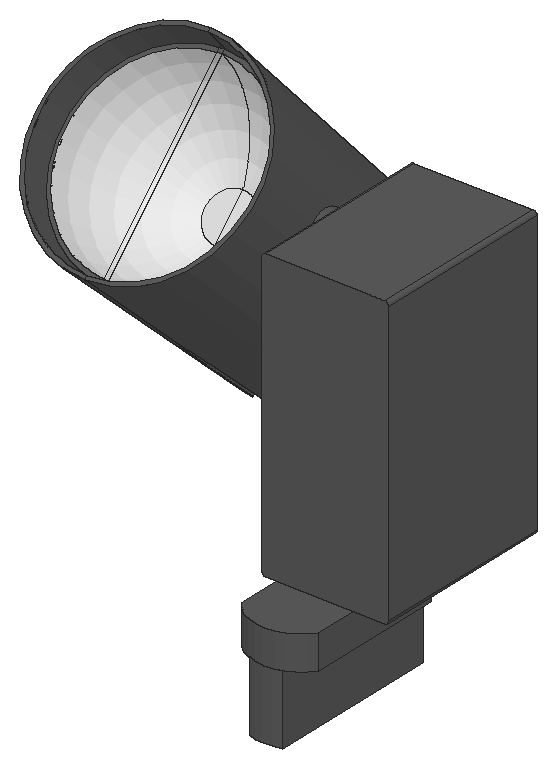
Revit family "0004838 Feilo Sylvania Lighting Fixture START TRACK SPOT S 24W 3K RA80 NB BLACK", category Lighting Fixtures, host Face, Revit 2017 (continued)
Definition of nested family "Start Track Spot Head"
  Types (96, lengths in mm): name | Wattage | built-in parameter 1150134 | Photometric Web File | Model | built-in parameter 1150105 | Lumens | built-in parameter 1150107 | built-in parameter 1150106 | HeadThickness_FEILO | HeadRibOffset_FEILO | HeadRibDepth_FEILO | HeadRibCutWidth_FEILO | HeadRibCutOffset_FEILO | HeadReflectorRadius_FEILO | HeadReflectorOffset_FEILO | HeadLEDRadius_FEILO | HeadHeight_FEILO | HeadDiffusorOffset_FEILO | HeadDiaOut_FEILO | HeadDiaIn_FEILO | HeadAxisFromTop_FEILO | Emit from Circle Diameter | built-in parameter 1150104 | Description | Apparent Load
    0004812 START TRACK SPOT S 14W 3K RA80 MB WHITE | 14 W | (empty or 0) | "0004812.ies" | "START TRACK SPOT S 14W 3K RA80 MB WHITE" | 120.32 (stored number, unit not read) | 1512 lm | 3000 (stored number, unit not read) | 1.2032 (stored number, unit not read) | 1.5 | 4.179 | 55.714 | 7.167 | 50.87 | 50.588 | 55.714 | 9.556 | 117 | 9.435 | 86 | 77.477 | 69.354 | 77.477 | 10.034 (stored number, unit not read) | "Integrated LED spotlight, Textured White - RAL9016, compact and minimalist design, ideal for retail applications, die-cast aluminium body, passive cooling heatsink. Beam angle: 36°, color temperature: 3000K , total system power: 14W, total fixture output: 1508 lm, LOR: 100%, colour rendering: Ra: 80 typical, LED Chromaticity: 3 step MacAdam ellipse, lifetime: >50000 hours at L70B50, energy class: A++, A+, A, IR/UV free light source without heat radiation, operating voltage: 220-240V / 50-60Hz, drive current: 350mA, electronic driver, non-dimmable, power factor: 0.92, electrical protection: Class II, Global Track 3 Phase adapter suitable for Global trac 3-circuit tracks, ingress protection rating: IP20, suitable for internal environment only, horizontal rotation: 355°, vertical tilt: 90°, dimensions: Ø86x140x200, weight: 0.940kg." | 14 VA
    0004811 START TRACK SPOT S 14W 3K RA80 NB WHITE | 14 W | (empty or 0) | "0004811.ies" | "START TRACK SPOT S 14W 3K RA80 NB WHITE" | 123.66 (stored number, unit not read) | 1554 lm | 3000 (stored number, unit not read) | 1.2366 (stored number, unit not read) | 1.5 | 4.179 | 55.714 | 7.167 | 50.87 | 50.588 | 55.714 | 9.556 | 117 | 9.435 | 86 | 77.477 | 69.354 | 77.477 | 10.312 (stored number, unit not read) | "Integrated LED spotlight, Textured White - RAL9016, compact and minimalist design, ideal for retail applications, die-cast aluminium body, passive cooling heatsink. Beam angle: 12°, color temperature: 3000K , total system power: 14W, total fixture output: 1551 lm, LOR: 100%, colour rendering: Ra: 80 typical, LED Chromaticity: 3 step MacAdam ellipse, lifetime: >50000 hours at L70B50, energy class: A++, A+, A, IR/UV free light source without heat radiation, operating voltage: 220-240V / 50-60Hz, drive current: 350mA, electronic driver, non-dimmable, power factor: 0.92, electrical protection: Class II, Global Track 3 Phase adapter suitable for Global trac 3-circuit tracks, ingress protection rating: IP20, suitable for internal environment only, horizontal rotation: 355°, vertical tilt: 90°, dimensions: Ø86x140x200, weight: 0.940kg." | 14 VA
  Reference planes
    plane 1 "Center (Front/Back)": y = 0
    plane 2: z = 0
    plane 3 "Center (Left/Right)": x = 0
    plane 4: x = 43
    plane 5: x = -43
    plane 6: x = -38.739
    plane 7: x = 38.739
    plane 8: z = 69.354
    plane 9: z = -47.646
    plane 10: x = -41.5
    plane 11: x = -37.239
    plane 12: z = -38.211
    plane 13: z = -35.211
    plane 14: z = 8.068
    plane 15: x = -9.556
    plane 16: x = -28.667
    plane 17: x = -19.111
    plane 18: x = -27.167
    plane 19: x = -17.611
    plane 20: x = -8.056
    plane 21: z = 13.64
    plane 22: x = -29.667
    plane 23: x = -26.167
    plane 24: x = -20.111
    plane 25: x = -16.611
    plane 26: x = -10.556
    plane 27: x = -7.056
    plane 28: x = -36.239
    plane 29: x = -40.5
    plane 30: z = 65.175
    plane 31: z = 60.997
    plane 32: z = 56.818
    plane 33: z = 18.484
    plane 34: y = -43
    plane 35: y = 43
    plane 36: y = 3.583
    plane 37: y = -3.583
    plane 38: y = -2.583
    plane 39: y = 2.583
    plane 40: y = 46
    plane 41: z = 13.5
    plane 42: z = -13.5
    plane 43: y = 39
    plane 44: x = 4.708
    plane 45: x = -2.458
    plane 46: x = -1.458
    plane 47: x = 1.458
  Forms (mm)
    Extrusion 1, solid
      sketch origin (4.2, 0, 0) x (1, 0, 0) y (0, 1, 0)
        loop
          line (-1219.2, 1219.2) -> (-1219.2, -1219.2) -> (1219.2, -1219.2) -> (1219.2, 1219.2) -> (-1219.2, 1219.2)
      from 0 to -68.017
    Revolve 2, solid, material <- "Material_1_FEILO", detail levels medium+fine
      sketch origin (0, 0, 0) x (1, 0, 0) y (0, 0, 1)
        loop
          line (-43, -47.646) -> (-41.5, -47.646) -> (-40.5, -35.211) -> (-38.739, -35.211)
          arc (-38.739, -35.211) -> (-30.16, -9.517) -> (-9.556, 8.068) r 50.588
          line (-9.556, 8.068) -> (0, 8.068) -> (0, 13.64) -> (-16.611, 13.64) -> (-17.611, 60.997) -> (-19.111, 60.997) -> (-20.111, 13.64) -> (-36.239, 13.64) -> (-37.239, 69.354) -> (-38.739, 69.354) -> (-43, -47.646)
        axis (0, 69.354) -> (0, -47.646)
      angle from 360 to 0
    Extrusion 3, void
      sketch origin (0, 0, 0) x (0, 1, 0) y (0, 0, 1)
        loop
          line (-3.583, 69.354) -> (-2.583, 18.484) -> (1.932, 18.484) -> (2.932, 69.354) -> (-3.583, 69.354)
      from 43 to -43
    Revolve 4, solid, material <- "Material_2_FEILO", detail levels medium+fine
      sketch origin (0, 0, 0) x (1, 0, 0) y (0, 0, 1)
        loop
          line (-41.5, -38.211) -> (0, -38.211) -> (0, -35.211) -> (-41.5, -35.211) -> (-41.5, -38.211)
        axis (0, -35.211) -> (0, -38.211)
      angle from 360 to 0
    Revolve 5, solid, material <- "Material_1_FEILO"
      sketch origin (0, 0, 0) x (0, 1, 0) y (0, 0, 1)
        loop
          line (46, 0) -> (39, 0) -> (39, -13.5) -> (46, -13.5) -> (46, 0)
        axis (39, 0) -> (46, 0)
      angle from 360 to 0
    Revolve 6, solid, material <- "Material_1_FEILO", detail levels medium+fine
      sketch origin (0, 0, 0) x (1, 0, 0) y (0, 0, 1)
        loop
          line (-29.667, 13.64) -> (-26.167, 13.64) -> (-27.167, 65.175) -> (-28.667, 65.175) -> (-29.667, 13.64)
        loop
          line (-10.556, 13.64) -> (-7.056, 13.64) -> (-7.833, 56.818) -> (-9.778, 56.818) -> (-10.556, 13.64)
        axis (0, 65.175) -> (0, 13.64)
      angle from 360 to 0
    Extrusion 7, void
      sketch origin (0, 0, 0) x (1, 0, 0) y (0, 0, 1)
        loop
          line (4.708, 69.354) -> (-2.458, 69.354) -> (-1.458, 13.64) -> (1.458, 13.64) -> (4.708, 69.354)
      from -43 to 43
    Revolve 8, solid, material <- "Material_1_FEILO", detail levels coarse
      sketch origin (0, 0, 0) x (1, 0, 0) y (0, 0, 1)
        loop
          line (0, 69.354) -> (-38.739, 69.354) -> (-43, -47.646) -> (-41.5, -47.646) -> (-40.731, -38.211) -> (0, -38.211) -> (0, 69.354)
        axis (0, 69.354) -> (0, -47.646)
      angle from 360 to 0
  Cuts and joins
    Extrusion 3 cuts Revolve 2
    Extrusion 7 cuts Revolve 6
  Dimensions and locks
    equal spacing: plane 7, plane 3 "Center (Left/Right)", plane 6
    equal spacing: plane 4, plane 3 "Center (Left/Right)", plane 5
    "HeadDiaOut_FEILO": plane 4 to plane 5
    "HeadDiaIn_FEILO": plane 7 to plane 6
    "HeadHeight_FEILO": plane 8 to plane 9
    "HeadThickness_FEILO": plane 10 to plane 5
    "HeadThickness_FEILO": plane 11 to plane 6
    "HeadDiffusorOffset_FEILO": plane 12 to plane 9
    "HeadDiffusorThickness_FEILO": plane 13 to plane 12
    "HeadReflectorOffset_FEILO": plane 14 to plane 9
    "HeadLEDRadius_FEILO": plane 3 "Center (Left/Right)" to plane 15
    "HeadLEDRadius_FEILO": plane 15 to plane 17
    "HeadLEDRadius_FEILO": plane 17 to plane 16
    "HeadThickness_FEILO": plane 18 to plane 16
    "HeadThickness_FEILO": plane 19 to plane 17
    "HeadThickness_FEILO": plane 20 to plane 15
    "HeadRibDepth_FEILO": plane 8 to plane 21
    "HeadDraft_FEILO": plane 16 to plane 22
    "HeadDraft_FEILO": plane 23 to plane 18
    "HeadDraft_FEILO": plane 17 to plane 24
    "HeadDraft_FEILO": plane 25 to plane 19
    "HeadDraft_FEILO": plane 15 to plane 26
    "HeadDraft_FEILO": plane 27 to plane 20
    "HeadDraft_FEILO": plane 29 to plane 10
    "HeadDraft_FEILO": plane 28 to plane 11
    "HeadRibOffset_FEILO": plane 8 to plane 30
    "HeadRibOffset_FEILO": plane 30 to plane 31
    "HeadRibOffset_FEILO": plane 31 to plane 32
    "HeadAxisFromTop_FEILO": plane 8 to plane 2
    "HeadRibCutOffset_FEILO": plane 8 to plane 33
    equal spacing: plane 34, plane 1 "Center (Front/Back)", plane 35
    "HeadDiaOut_FEILO": plane 34 to plane 35
    equal spacing: plane 38, plane 1 "Center (Front/Back)", plane 39
    equal spacing: plane 37, plane 1 "Center (Front/Back)", plane 36
    "HeadRibCutWidth_FEILO": plane 37 to plane 36
    "HeadDraft_FEILO": plane 37 to plane 38
    locked: plane 35 to plane 40 at 3
    equal spacing: plane 41, plane 2, plane 42
    locked: plane 42 to plane 41 at 27
    locked: plane 43 to plane 35 at 4
    equal spacing: plane 45, imposter light, plane 44
    "HeadDraft_FEILO": plane 46 to plane 45
    "HeadRibCutWidth_FEILO": plane 44 to plane 45
    equal spacing: plane 47, plane 3 "Center (Left/Right)", plane 46
    "HeadReflectorRadius_FEILO": radius of Revolve 2 sketch curve
    aligned and locked: plane 2 to Extrusion 1
    aligned and locked: level to Extrusion 1
    aligned and locked: Revolve 2 sketch curve to plane 3 "Center (Left/Right)"  (x2)
    aligned and locked: plane 9 to Revolve 2 sketch curve  (x2)
    aligned and locked: plane 5 to Revolve 2 sketch curve
    aligned and locked: plane 10 to Revolve 2 sketch curve
    aligned and locked: plane 14 to Revolve 2 sketch curve
    aligned and locked: plane 8 to Revolve 2 sketch curve
    aligned and locked: Revolve 2 sketch curve to plane 13
    aligned and locked: plane 12 to Revolve 4 sketch curve
    aligned and locked: plane 3 "Center (Left/Right)" to Revolve 4 sketch curve
    aligned and locked: Revolve 4 sketch curve to plane 10
    aligned and locked: Revolve 4 sketch curve to plane 3 "Center (Left/Right)"
    aligned and locked: plane 12 to imposter light
    aligned and locked: imposter light to plane 1 "Center (Front/Back)"
    aligned and locked: Revolve 5 sketch curve to plane 2
    aligned and locked: plane 43 to Revolve 5 sketch curve
    aligned and locked: plane 42 to Revolve 5 sketch curve
    aligned and locked: Revolve 6 sketch curve to plane 3 "Center (Left/Right)"
    aligned and locked: plane 22 to Revolve 6 sketch curve
    aligned and locked: plane 30 to Revolve 6 sketch curve
    aligned and locked: plane 23 to Revolve 6 sketch curve
    aligned and locked: Revolve 6 sketch curve to plane 21  (x2)
    aligned and locked: plane 21 to Revolve 6 sketch curve
    aligned and locked: plane 17 to Revolve 2 sketch curve
    aligned and locked: plane 19 to Revolve 2 sketch curve
    aligned and locked: plane 31 to Revolve 2 sketch curve
    aligned and locked: plane 21 to Revolve 2 sketch curve
    aligned and locked: Extrusion 3 to plane 8
    aligned and locked: plane 33 to Extrusion 3
    aligned and locked: plane 8 to Extrusion 3 sketch curve
    aligned and locked: Extrusion 3 sketch curve to plane 33
    aligned and locked: Extrusion 3 to plane 5
    aligned and locked: plane 4 to Extrusion 3
    aligned and locked: plane 32 to Revolve 6 sketch curve
    aligned and locked: plane 44 to Extrusion 7 sketch curve
    aligned and locked: Extrusion 7 sketch curve to plane 8
    aligned and locked: plane 46 to Extrusion 7 sketch curve
    aligned and locked: plane 21 to Extrusion 7 sketch curve
    aligned and locked: plane 34 to Extrusion 7
    aligned and locked: Extrusion 7 to plane 35
    aligned and locked: Revolve 4 sketch curve to plane 13
    aligned and locked: Revolve 5 sketch curve to plane 40
    aligned and locked: Revolve 8 sketch curve to plane 3 "Center (Left/Right)"
    aligned and locked: Revolve 8 sketch curve to cut or joined group of Revolve 2, Extrusion 3  (x3)
    aligned and locked: plane 5 to Revolve 8 sketch curve
    aligned and locked: plane 3 "Center (Left/Right)" to Revolve 8 sketch curve
    aligned and locked: plane 12 to Revolve 8 sketch curve
  Automatic sketch dimensions
    Extrusion 1 sketch curve to Extrusion 1 sketch curve = 2438.4 mm  (x2)
    Extrusion 3 sketch curve to plane 37 = 0 mm
    Extrusion 3 sketch curve to plane 38 = 0 mm
    plane 39 to Extrusion 3 sketch curve = 0.651 mm
    Extrusion 3 sketch curve to plane 39 = 0.349 mm
    Revolve 6 sketch curve to plane 16 = 0 mm
    Revolve 6 sketch curve to plane 18 = 0 mm
    Revolve 6 sketch curve to plane 26 = 0 mm
    Revolve 6 sketch curve to plane 27 = 0 mm
    Revolve 6 sketch curve to plane 15 = 0.222 mm
    plane 9 to Revolve 6 sketch curve = 559.103 mm
    Revolve 6 sketch curve to plane 8 = 2535.555 mm
    plane 20 to Revolve 6 sketch curve = 0.222 mm
    Revolve 2 sketch curve to plane 29 = 0 mm
    Revolve 2 sketch curve to plane 6 = 0 mm  (x2)
    Revolve 2 sketch curve to plane 11 = 0 mm
    Revolve 2 sketch curve to plane 21 = 0 mm
    Revolve 2 sketch curve to plane 28 = 0 mm
    Revolve 2 sketch curve to plane 24 = 0 mm
    Revolve 2 sketch curve to plane 25 = 0 mm
    Revolve 2 sketch curve to plane 15 = 0 mm
    Revolve 2 sketch curve to Revolve 2 sketch curve = 557.155 mm
    Revolve 2 sketch curve to plane 8 = 2535.558 mm
    Extrusion 7 sketch curve to plane 45 = 0 mm
    Extrusion 7 sketch curve to plane 47 = 0 mm
    plane 9 to Revolve 4 sketch curve = 559.103 mm
    Revolve 4 sketch curve to plane 8 = 2535.555 mm
    Revolve 5 sketch curve to level = 0 mm
    plane 34 to Revolve 5 sketch curve = 1968.092 mm
    Revolve 5 sketch curve to plane 40 = 1405.763 mm
    Revolve 8 sketch curve to plane 6 = 0 mm
    Revolve 8 sketch curve to plane 29 = 0.231 mm
    plane 9 to Revolve 8 sketch curve = 559.103 mm
    Revolve 8 sketch curve to Revolve 8 sketch curve = 2535.555 mm
Definition of nested family "Start Track Spot Box"
  Parameters (values of type "Type Large White")
    URL = "http://www.feilosylvania.com"
    Type Image = (empty or 0)
    Type Comments = "n/a"
    Small_FEILO = no
    Material_3_FEILO = none
    Model = ""
    Manufacturer = "Feilo Sylvania"
    Keynote = ""
    Material_2_FEILO = none
    Description = ""
    Default Elevation = 1219.2 mm
    Cost = 0
    Material_1_FEILO = none
    BoxWidth_FEILO = 49 mm
    BoxStartAngle_FEILO [instance] = 0.00°
    BoxRadius_FEILO = 1.5 mm
    BoxHeight_FEILO = if(Small_FEILO, 112 mm, 136 mm)  # 136 mm
    BoxEndAngle_FEILO [instance] = BoxStartAngle_FEILO - 180.00°  # -180.00°
    BoxDepth_FEILO = if(Small_FEILO, 71.5 mm, 79 mm)  # 79 mm
    BoxAxisVerticalOffset_FEILO = 16 mm
    BoxAxisOffset_FEILO = BoxHeight_FEILO / 6.8  # 20 mm
    Assembly Code = ""
    Material_4_FEILO = none
  Types (4, lengths in mm): name | Small_FEILO | BoxHeight_FEILO | BoxDepth_FEILO | BoxAxisOffset_FEILO
    Type Large White | no | 136 | 79 | 20
    Type Small White | yes | 112 | 71.5 | 16.471
    Type Small Black | yes | 112 | 71.5 | 16.471
    Type Large Black | no | 136 | 79 | 20
  Reference planes
    plane 1 "Center (Front/Back)": y = 0
    plane 2: z = 0
    plane 3 "Center (Left/Right)": x = 0
    plane 4: x = 24.5
    plane 5: x = -24.5
    plane 6: y = 68
    plane 7: y = -68
    plane 8: z = 39.5
    plane 9: z = -39.5
    plane 10: y = -48
    plane 11: x = 30.5
    plane 12: x = 8.5
    plane 13: x = 21.5
    plane 14: y = 70
    plane 15: y = 72
    plane 16: x = 19.5
  Forms (mm)
    Extrusion 1, solid
      sketch origin (4.2, 0, 0) x (1, 0, 0) y (0, 1, 0)
        loop
          line (-1219.2, 1219.2) -> (-1219.2, -1219.2) -> (1219.2, -1219.2) -> (1219.2, 1219.2) -> (-1219.2, 1219.2)
      from 0 to -68.017
    Extrusion 2, solid, material <- "Material_1_FEILO"
      sketch origin (0, 0, 0) x (1, 0, 0) y (0, 1, 0)
        loop
          arc (-23, 68) -> (-24.061, 67.561) -> (-24.5, 66.5) r 1.5
          line (-24.5, 66.5) -> (-24.5, -66.5)
          arc (-24.5, -66.5) -> (-24.061, -67.561) -> (-23, -68) r 1.5
          line (-23, -68) -> (23, -68)
          arc (23, -68) -> (24.061, -67.561) -> (24.5, -66.5) r 1.5
          line (24.5, -66.5) -> (24.5, 66.5)
          arc (24.5, 66.5) -> (24.061, 67.561) -> (23, 68) r 1.5
          line (23, 68) -> (-23, 68)
      from -39.5 to 39.5
    Revolve 3, solid, not visible
      sketch origin (0, 0, 0) x (1, 0, 0) y (0, 1, 0)
        loop
          line (30.5, -48) -> (24.5, -48) -> (24.5, -68) -> (30.5, -68) -> (30.5, -48)
        axis (30.5, -48) -> (24.5, -48)
      angle from 0 <- "BoxStartAngle_FEILO" to -180 <- "BoxEndAngle_FEILO"
    Revolve 4, solid, material <- "Material_2_FEILO"
      sketch origin (0, 0, 0) x (1, 0, 0) y (0, 1, 0)
        loop
          line (8.5, 68) -> (19.5, 68) -> (19.5, 70) -> (21.5, 70) -> (21.5, 72) -> (8.5, 72) -> (8.5, 68)
        axis (8.5, 72) -> (8.5, 68)
      angle from 360 to 0
  Dimensions and locks
    equal spacing: plane 5, plane 3 "Center (Left/Right)", plane 4
    "BoxWidth_FEILO": plane 5 to plane 4
    equal spacing: plane 7, plane 1 "Center (Front/Back)", plane 6
    "BoxHeight_FEILO": plane 7 to plane 6
    equal spacing: plane 8, plane 2, plane 9
    "BoxDepth_FEILO": plane 8 to plane 9
    "BoxAxisOffset_FEILO": plane 7 to plane 10
    locked: plane 4 to plane 11 at 6
    "BoxAxisVerticalOffset_FEILO": plane 12 to plane 4
    locked: plane 12 to plane 13 at 13
    plane 6 to plane 14 to plane 15 = 2 mm locked, 2 mm locked
    locked: plane 12 to plane 16 at 11
    "BoxRadius_FEILO": radius of Extrusion 2 sketch curve  (x4)
    aligned and locked: plane 2 to Extrusion 1
    aligned and locked: level to Extrusion 1
    aligned and locked: plane 6 to Extrusion 2 sketch curve
    aligned and locked: plane 5 to Extrusion 2 sketch curve
    aligned and locked: Extrusion 2 sketch curve to plane 7
    aligned and locked: Extrusion 2 sketch curve to plane 4
    aligned and locked: Extrusion 2 to plane 8
    aligned and locked: plane 9 to Extrusion 2
    aligned and locked: Revolve 3 sketch curve to plane 10  (x2)
    aligned and locked: plane 11 to Revolve 3 sketch curve
    aligned and locked: Revolve 3 sketch curve to plane 4
    aligned and locked: plane 7 to Revolve 3 sketch curve
    aligned and locked: Revolve 4 sketch curve to plane 12
    aligned and locked: plane 6 to Revolve 4 sketch curve
    aligned and locked: plane 12 to Revolve 4 sketch curve
    aligned and locked: plane 15 to Revolve 4 sketch curve
    aligned and locked: Revolve 4 sketch curve to plane 13
    aligned and locked: Revolve 4 sketch curve to plane 14
    aligned and locked: Revolve 4 sketch curve to plane 16
    aligned and locked: Revolve 4 sketch curve to plane 6
  Automatic sketch dimensions
    Extrusion 1 sketch curve to Extrusion 1 sketch curve = 2438.4 mm  (x2)
    Revolve 3 sketch curve to plane 5 = 1499.5 mm
    plane 11 to Revolve 3 sketch curve = 1493.5 mm
    plane 15 to Revolve 4 sketch curve = 0 mm
    plane 7 to Revolve 4 sketch curve = 1456 mm
    Revolve 4 sketch curve to plane 15 = 1452 mm
